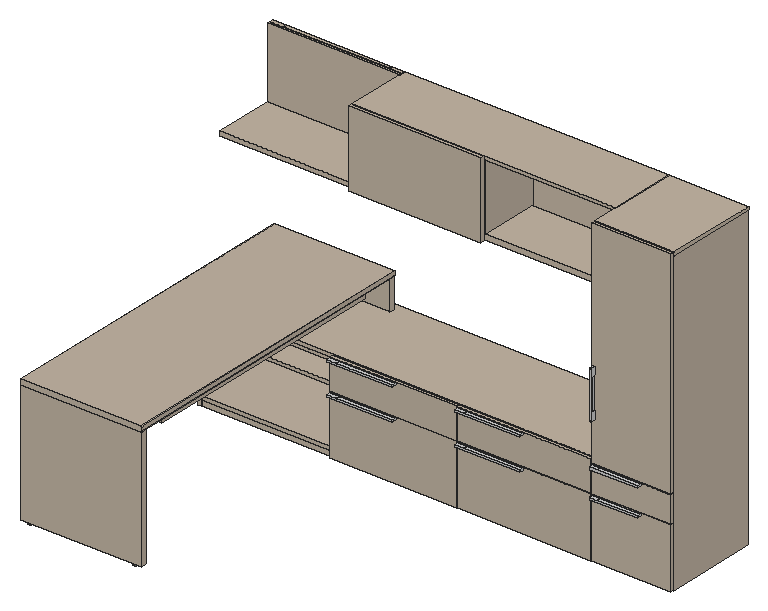
Revit family "FLT009", category Furniture, Revit 2015 (continued)
Definition of nested family "JSI-Flux-Wb_Sc_Ht"
  Definition of nested family "Bar Pull V"
    Dimensions and locks (in)
      aligned and locked: cut or joined group of Extrusion 1, Extrusion 2 to plane 5
      aligned and locked: cut or joined group of Extrusion 3, Extrusion 4 to plane 5
    Automatic sketch dimensions
      Extrusion 1 sketch curve to plane 4 = 0' - 0"
      Extrusion 1 sketch curve to plane 6 = 0' - 0"
      Extrusion 1 sketch curve to plane 1 "Center Front/Back" = 0' - 0"  (x2)
      Extrusion 1 sketch curve to plane 7 = 0' - 0"
      Extrusion 1 sketch curve to plane 5 = 0' - 0"
      Extrusion 1 sketch curve to Extrusion 1 sketch curve = 0' - 0 3/32"
      Extrusion 1 sketch curve to plane 6 = 0' - 0 1/8"
      plane 7 to Extrusion 1 sketch curve = 0' - 0 1/8"
      plane 5 to Extrusion 1 sketch curve = 0' - 0.07874"
      plane 1 "Center Front/Back" to Extrusion 1 sketch curve = 0' - 0.70177"
      Extrusion 1 sketch curve to Extrusion 1 sketch curve = 0' - 0.85113"
      Extrusion 2 sketch curve to plane 4 = 0' - 0"
      Extrusion 2 sketch curve to plane 5 = 0' - 0"
      Extrusion 2 sketch curve to Extrusion 2 sketch curve = 0' - 0 3/32"
      Extrusion 2 sketch curve to Extrusion 2 sketch curve = 0' - 0.07874"
      Extrusion 3 sketch curve to plane 4 = 0' - 0"
      Extrusion 3 sketch curve to plane 6 = 0' - 0"
      Extrusion 3 sketch curve to plane 1 "Center Front/Back" = 0' - 0"  (x2)
      Extrusion 3 sketch curve to plane 7 = 0' - 0"
      Extrusion 3 sketch curve to plane 5 = 0' - 0"
      Extrusion 3 sketch curve to plane 4 = 0' - 0 3/32"
      Extrusion 3 sketch curve to plane 6 = 0' - 0 1/8"
      plane 7 to Extrusion 3 sketch curve = 0' - 0 1/8"
      plane 5 to Extrusion 3 sketch curve = 0' - 0.07874"
      plane 1 "Center Front/Back" to Extrusion 3 sketch curve = 0' - 0.70177"
      Extrusion 3 sketch curve to Extrusion 3 sketch curve = 0' - 0.85113"
      Extrusion 4 sketch curve to plane 4 = 0' - 0"
      Extrusion 4 sketch curve to plane 5 = 0' - 0"
      Extrusion 4 sketch curve to plane 4 = 0' - 0 3/32"
      Extrusion 4 sketch curve to Extrusion 4 sketch curve = 0' - 0.07874"
  Definition of nested family "Label 1-16"
    Parameters
      Model Name = "BF - BF - BF"
    Reference planes (in)
      plane 1: y = 0
      plane 2: x = 0
    Text (in)
      label "XX" at (0.00051, -0.12324, 0), shows "Model Name"
